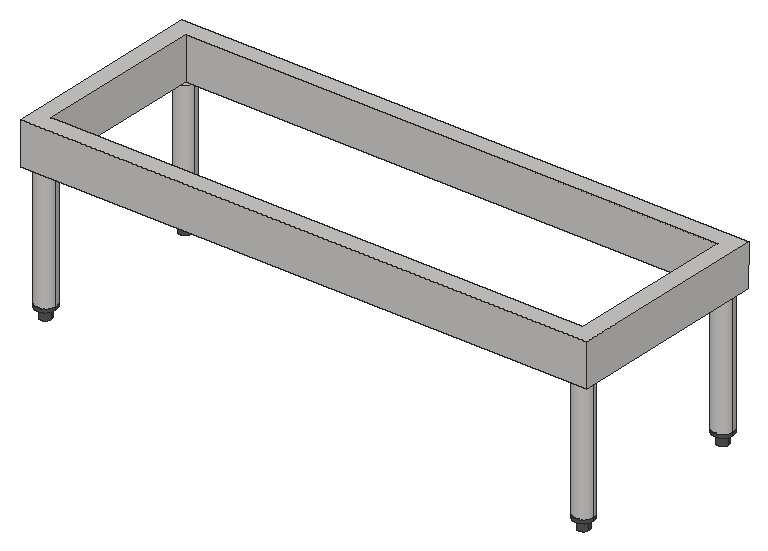
Revit family "QF_CAPIC_CELTIC_W383017", category Equipement spécialisé, Revit 2018
Family settings
  Cote de connecteur circulaire = Utiliser le diamètre
  Type d'élément = Normal
  Numéro OmniClass = 23.40.40.14
  Titre OmniClass = Food Service Equipment
  Basée sur le plan de construction = Non
  Toujours verticalement = Oui
  Couper avec des vides une fois chargée = Non
  Partagée = Non
  Point de calcul de pièce = Non
Parameters (values of type "L=2000mm")
  URL catalogue = "http://www.capic-fr.com/fr/"
  Type de Raccord Plomberie [instance] = ""
  Type de Raccord Electrique [instance] = ""
  Type de Gaz = ""
  Type article [instance] = ""
  Tension = 0 V
  Spécification du Fabricant = ""
  Show Logo = yes
  Remarques evacuation [instance] = ""
  Remarques Plomberie [instance] = ""
  Remarques Electricité [instance] = ""
  Puissance électrique  = 0 W
  Puissance Gaz kW = 0
  Profondeur hors tout = 715 mm
  Pression Maximum Eau Adoucie = 0.0 Pa
  Poids net à vide = 110.00 kg
  Phase = 0
  Modèle = "W383017"
  Longueur hors tout = 2000 mm
  Intensité nominale = 0 A
  Hauteur hors tout = 630 mm
  Hauteur de Raccordement du Sol Finis = 0 mm
  Hauteur de Raccordement Gaz du Sol Finis = 0 mm
  Hauteur de Raccordement Evacuation Directe du Sol Finis = 0 mm
  Hauteur de Raccordement Eau Froide du Sol Finis = 0 mm
  Hauteur de Raccordement Eau Chaude du Sol Finis = 0 mm
  Hauteur de Raccordement Eau Adoucie du Sol Finis = 0 mm
  Fréquence = 0 Hz
  Fabricant = "CAPIC"
  Débit d'air d'extraction = 0.0 m³/h
  Débit Gaz = 0.0 L/s
  Débit Eau Froide = 0.0 L/s
  Débit Eau Chaude = 0.0 L/s
  Débit Eau Adoucie = 0.0 L/s
  Diamètre de Raccordement Gaz = 0 mm
  Diamètre de Raccordement Evacuation = 0 mm
  Diamètre de Raccordement Eau Froide = 0 mm
  Diamètre de Raccordement Eau Chaude = 0 mm
  Diamètre de Raccordement Eau Adoucie = 0 mm
  Description = "Pietement tubes ronds"
  Assembly Code = ""
  Classification  Omniclass nombre et titre = "23.40.40.14"
Reference planes
  plane 1 "Centre (avant/arrière)": y = 0
  plane 2: z = 0
  plane 3 "Centre (gauche/droite)": x = 0
  plane 4 "Centre G/E": y = 0
  plane 5: y = -838
  plane 6: z = 630
  plane 7: y = -123
  plane 8: x = 2000
  plane 9: z = 481
  plane 10: y = -173
  plane 11: y = -788
  plane 12: x = 50
  plane 13: x = 1950
  plane 14: z = 46
Forms (mm)
  Extrusion 1, solid, material "QF_Stainless Steel-Brushed"
    sketch origin (4267.2, -1071.386, 630) x (0, -1, 0) y (1, 0, 0)
      loop
        line (-948.386, -4267.2) -> (-233.386, -4267.2) -> (-233.386, -2267.2) -> (-948.386, -2267.2) -> (-948.386, -4267.2)
      loop
        line (-888.386, -2327.2) -> (-888.386, -4207.2) -> (-293.386, -4207.2) -> (-293.386, -2327.2) -> (-888.386, -2327.2)
    from 0 to -149
  Extrusion 2, solid, material "QF_Stainless Steel-Brushed"
    sketch origin (0, 0, 0) x (1, 0, 0) y (0, 1, 0)
      loop
        circle (50, -173) r 35
    from 46 to 481
  Revolve 3, solid, material "QF_Plastic-Black"
    sketch origin (-199.347, -173, 4000) x (-1, 0, 0) y (0, 0, 1)
      loop
        line (-284.347, -3954) -> (-284.347, -3966) -> (-269.347, -3966) -> (-269.347, -4000) -> (-249.347, -4000) -> (-249.347, -3954) -> (-284.347, -3954)
      axis (-249.347, -4000) -> (-249.347, -3954)
    angle from 0 to 360
  Extrusion 4, solid, material "QF_Stainless Steel-Brushed"
    sketch origin (220, 0, 0) x (1, 0, 0) y (0, 1, 0)
      loop
        circle (1730, -173) r 35
    from 46 to 481
  Revolve 5, solid, material "QF_Plastic-Black"
    sketch origin (160.653, -173, 4000) x (-1, 0, 0) y (0, 0, 1)
      loop
        line (-1824.347, -3954) -> (-1824.347, -3966) -> (-1809.347, -3966) -> (-1809.347, -4000) -> (-1789.347, -4000) -> (-1789.347, -3954) -> (-1824.347, -3954)
      axis (-1789.347, -4000) -> (-1789.347, -3954)
    angle from 0 to 360
  Extrusion 6, solid, material "QF_Stainless Steel-Brushed"
    sketch origin (0, -615, 0) x (1, 0, 0) y (0, 1, 0)
      loop
        circle (50, -173) r 35
    from 46 to 481
  Revolve 7, solid, material "QF_Plastic-Black"
    sketch origin (-133.843, -788, 4000) x (-1, 0, 0) y (0, 0, 1)
      loop
        line (-218.843, -3954) -> (-218.843, -3966) -> (-203.843, -3966) -> (-203.843, -4000) -> (-183.843, -4000) -> (-183.843, -3954) -> (-218.843, -3954)
      axis (-183.843, -4000) -> (-183.843, -3954)
    angle from 0 to 360
  Extrusion 8, solid, material "QF_Stainless Steel-Brushed"
    sketch origin (230, -615, 0) x (1, 0, 0) y (0, 1, 0)
      loop
        circle (1720, -173) r 35
    from 46 to 481
  Revolve 9, solid, material "QF_Plastic-Black"
    sketch origin (-133.843, -788, 4000) x (-1, 0, 0) y (0, 0, 1)
      loop
        line (-2118.843, -3954) -> (-2118.843, -3966) -> (-2103.843, -3966) -> (-2103.843, -4000) -> (-2083.843, -4000) -> (-2083.843, -3954) -> (-2118.843, -3954)
      axis (-2083.843, -4000) -> (-2083.843, -3954)
    angle from 0 to 360
Dimensions and locks
  locked: plane 7 to Extrusion 1 sketch curve at 60
  locked: Extrusion 1 sketch curve to plane 5 at 60
  locked: plane 3 "Centre (gauche/droite)" to Extrusion 1 sketch curve at 60
  locked: Extrusion 1 sketch curve to plane 8 at 60
  "Longueur hors tout": plane 3 "Centre (gauche/droite)" to plane 8
  "Hauteur hors tout": plane 6 to level
  locked: plane 7 to plane 10 at 50
  locked: plane 11 to plane 5 at 50
  locked: plane 3 "Centre (gauche/droite)" to plane 12 at 50
  locked: plane 13 to plane 8 at 50
  locked: Revolve 3 sketch curve to plane 12 at 35
  locked: plane 14 to Revolve 3 sketch curve at 12
  locked: Revolve 3 sketch curve to plane 12 at 20
  Revolve 5 sketch curve to Revolve 5 sketch curve to plane 13 = 15 mm locked, 20 mm locked
  "Profondeur hors tout": plane 7 to plane 5
  locked: plane 14 to Revolve 5 sketch curve at 12
  locked: Revolve 7 sketch curve to plane 12 at 20
  locked: Revolve 7 sketch curve to plane 12 at 35
  locked: Revolve 3 to plane 14 at 12
  locked: plane 14 to Revolve 5 at 12
  locked: Revolve 9 sketch curve to plane 13 at 20
  locked: Revolve 9 sketch curve to plane 13 at 35
  locked: plane 6 to plane 9 at 149
  locked: plane 9 to plane 14 at 435
  aligned and locked: level to plane 2
  aligned and locked: Extrusion 1 sketch curve to plane 7
  aligned and locked: plane 3 "Centre (gauche/droite)" to Extrusion 1 sketch curve
  aligned and locked: Extrusion 1 sketch curve to plane 5
  aligned and locked: Extrusion 1 sketch curve to plane 8
  aligned and locked: Extrusion 1 to plane 9
  aligned and locked: plane 6 to Extrusion 1
  aligned and locked: plane 9 to Extrusion 2
  aligned and locked: Extrusion 2 to plane 14
  aligned and locked: plane 12 to Extrusion 2 sketch curve
  aligned and locked: plane 10 to Extrusion 2 sketch curve
  aligned and locked: level to Revolve 3 sketch curve
  aligned and locked: plane 12 to Revolve 3 sketch curve
  aligned and locked: Revolve 3 sketch curve to plane 14
  aligned and locked: plane 13 to Extrusion 4 sketch curve
  aligned and locked: Extrusion 4 sketch curve to plane 10
  aligned and locked: plane 13 to Revolve 5 sketch curve  (x2)
  aligned and locked: Revolve 5 sketch curve to level
  aligned and locked: plane 14 to Revolve 5 sketch curve
  aligned and locked: plane 12 to Extrusion 6 sketch curve
  aligned and locked: plane 11 to Extrusion 6 sketch curve
  aligned and locked: plane 9 to Extrusion 6
  aligned and locked: Extrusion 6 to plane 14
  aligned and locked: plane 14 to Revolve 7 sketch curve
  aligned and locked: Revolve 7 sketch curve to level
  aligned and locked: plane 9 to Extrusion 4
  aligned and locked: Extrusion 4 to plane 14
  aligned and locked: plane 13 to Extrusion 8 sketch curve
  aligned and locked: Extrusion 8 sketch curve to plane 11
  aligned and locked: Revolve 3 to plane 14
  aligned and locked: Extrusion 8 to Extrusion 1
  aligned and locked: plane 14 to Revolve 9 sketch curve
  aligned and locked: Revolve 9 sketch curve to level
  aligned and locked: plane 14 to Extrusion 8
Automatic sketch dimensions
  Revolve 3 sketch curve to plane 12 = 0 mm
  Revolve 3 sketch curve to level = 0 mm
  Revolve 3 sketch curve to plane 14 = 0 mm
  Revolve 5 sketch curve to level = 0 mm
  Revolve 5 sketch curve to plane 14 = 0 mm
  Revolve 9 sketch curve to plane 13 = 0 mm  (x2)
  Revolve 9 sketch curve to plane 14 = 12 mm
  Revolve 9 sketch curve to level = 88.15 mm
  Revolve 9 sketch curve to Revolve 9 sketch curve = 37 mm
  Revolve 7 sketch curve to plane 12 = 0 mm  (x2)
  Revolve 7 sketch curve to plane 14 = 12 mm
  Revolve 7 sketch curve to level = 25 mm
  Revolve 7 sketch curve to Revolve 7 sketch curve = 12 mm
  radius of Extrusion 2 sketch curve = 35 mm
  radius of Extrusion 4 sketch curve = 35 mm
  radius of Extrusion 6 sketch curve = 35 mm
  radius of Extrusion 8 sketch curve = 35 mm
